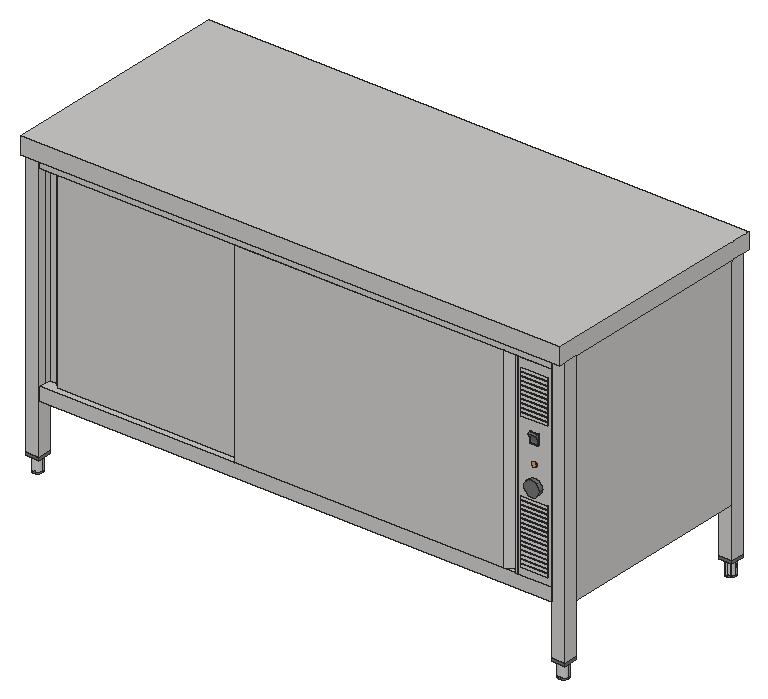
Revit family "QF_ELECTROLUXPROFESSIONAL_134056_GTCD1600E", category Attrezzature speciali, Revit 2020
Family settings
  Quota connettore circolare = Usa diametro
  Tipo di parte = Normale
  Basato su piano di lavoro = No
  Sempre verticale = Sì
  Taglio con vuoti quando caricato = No
  Condiviso = No
  Punto di calcolo locali = No
Parameters (values of type "Standard")
  Weight = 95.00 kg
  Watts = 2530 W
  Volts = 220 V
  URL Manufacturer = "https://www.electroluxprofessional.com/"
  URL = "https://www.electroluxprofessional.com/"
  Steam Supply Size = 0 mm
  Steam Supply Minimum Pressure = 0.0 Pa
  Steam Supply Maximum Pressure = 0.0 Pa
  Steam Consumption per Hour = 0
  Refrigeration Suction Line Size = 0.0 mm
  Refrigeration Liquid Line Size = 0.0 mm
  Refrigerant Compressor Remote = yes
  Prospetto di default = 0.0 mm
  Produttore = "Electrolux Professional"
  Phase = 1
  Modello = "GTCD1600E"
  Length Actual = 1600.0 mm  # constant formula
  Item Number = "134056"
  Hot Water Size = 0 mm
  Height Actual = 900.0 mm  # constant formula
  HP = "3.4 HP"
  Gas Size = 0 mm
  Gas KW = 0
  Gas Input Pressure = 0 W
  Direct Waste Size = 0 mm
  Descrizione = "HOT PASSTHRU CUPBOARD 1600 MM"
  Depth Actual = 700.0 mm  # constant formula
  Cycle = 50 Hz
  Condensate Return Size = 0 mm
  Compressed Air Volume = 0.0 L/s
  Compressed Air Size = 0 mm
  Compressed Air Pressure = 0.0 Pa
  Cold Water Size = 0 mm
  Accessory = yes
Reference planes
  plane 1 "Center (Front/Back)": y = 0
  plane 2: z = 0
  plane 3 "Center (Left/Right)": x = -300
  plane 4 "LEFT": x = -1100
  plane 5 "RIGHT": x = 500
  plane 6 "BACK": y = 350
  plane 7 "FRONT": y = -350
  plane 8 "Base": z = 850
  plane 9 "TOP": z = 900
  plane 10: x = -1080
  plane 11: x = 480
  plane 12: y = 310
  plane 13: y = -310
  plane 14 "BodyLeft": x = -1100
  plane 15 "BodyFront": y = -330
  plane 16 "BodyRight": x = 500
  plane 17 "BodyBack": y = 330
  plane 18 "FEET": z = 200
  plane 19: x = -220
  plane 20: x = -480
  plane 21 "AxeSlideDoor": x = -350
  plane 22: x = 360
  plane 23: x = 410
  plane 24: y = -160
Forms (mm)
  Extrusion 1, solid, material "QF_Finishes_Stainless Steel"
    sketch origin (-300, 0, 0) x (0, 1, 0) y (0, 0, 1)
      loop
        line (-350, 850) -> (350, 850) -> (350, 900) -> (-350, 900) -> (-350, 850)
    from 800 to -800
  Extrusion 2, solid, material "QF_Finishes_Stainless Steel"
    sketch origin (0, 0, 200) x (-1, 0, 0) y (0, -1, 0)
      loop
        line (1100, -290) -> (1100, 290) -> (1060, 290) -> (1060, -290) -> (1100, -290)
      loop
        line (-460, -290) -> (-460, 290) -> (-500, 290) -> (-500, -290) -> (-460, -290)
    from 0 to 650
  Extrusion 3, solid, material "QF_Finishes_Stainless Steel"
    sketch origin (0, 0, 200) x (-1, 0, 0) y (0, -1, 0)
      loop
        line (1060, -330) -> (1060, 330) -> (-460, 330) -> (-460, -330) -> (1060, -330)
    from 0 to 40
  Extrusion 4, solid, material "QF_Finishes_Stainless Steel"
    sketch origin (0, 0, 200) x (-1, 0, 0) y (0, -1, 0)
      loop
        line (-360, -290) -> (-460, -290) -> (-460, -330) -> (-360, -330) -> (-360, -290)
    from 40 to 620
  Extrusion 5, solid, material "QF_Finishes_Stainless Steel"
    sketch origin (0, 0, 200) x (-1, 0, 0) y (0, -1, 0)
      loop
        line (-360, 330) -> (-360, 310) -> (480, 310) -> (480, 330) -> (-320, 330) -> (-340, 315) -> (-355, 315) -> (-355, 330) -> (-360, 330)
    from 40 to 620
  Extrusion 6, solid, material "QF_Finishes_Stainless Steel"
    sketch origin (0, 20, 200) x (1, 0, 0) y (0, 1, 0)
      loop
        line (-1060, -330) -> (-1055, -330) -> (-1055, -315) -> (-1040, -315) -> (-1020, -330) -> (-220, -330) -> (-220, -310) -> (-1060, -310) -> (-1060, -330)
    from 40 to 620
  Extrusion 7, solid, material "QF_Finishes_Stainless Steel"
    sketch origin (0, 0, 200) x (-1, 0, 0) y (0, -1, 0)
      loop
        line (1060, 290) -> (-460, 290) -> (-460, -290) -> (1060, -290) -> (1060, 290)
    from 350 to 390
  Extrusion 8, solid, material "QF_Finishes_Stainless Steel"
    sketch origin (0, 0, 200) x (-1, 0, 0) y (0, -1, 0)
      loop
        line (1060, 330) -> (-460, 330) -> (-460, -330) -> (1060, -330) -> (1060, 330)
    from 620 to 650
  Extrusion 9, solid, material "QF_Finishes_Stainless Steel"
    sketch origin (0, 0, 200) x (-1, 0, 0) y (0, -1, 0)
      loop
        circle (-410, 160) r 10
    from 0 to -5
  Extrusion 10, solid, material "QF_Finishes_Stainless Steel"
    sketch origin (0, 0, 200) x (-1, 0, 0) y (0, -1, 0)
      loop
        line (-360, -330) -> (-355, -330) -> (-355, -315) -> (-340, -315) -> (-320, -330) -> (480, -330) -> (480, -310) -> (-360, -310) -> (-360, -330)
    from 40 to 620
  Extrusion 11, solid, material "QF_Finishes_Stainless Steel"
    sketch origin (0, -20, 200) x (1, 0, 0) y (0, 1, 0)
      loop
        line (-1060, 330) -> (-1060, 310) -> (-220, 310) -> (-220, 330) -> (-1020, 330) -> (-1040, 315) -> (-1055, 315) -> (-1055, 330) -> (-1060, 330)
    from 40 to 620
Cuts and joins
  joined: Extrusion 4, Extrusion 8
Lines and regions (mm)
  symbolic lines
    curve 1: line (500, 350, 900) -> (-1100, 350, 900)
    curve 2: line (-1100, 350, 900) -> (-1100, -350, 900)
    curve 3: line (-1100, -350, 900) -> (500, -350, 900)
    curve 4: line (500, -350, 900) -> (500, 350, 900)
  symbolic lines, style "SpecialityEquipmentHiddenLines"
    curve 5: line (-1100, 330, 200) -> (500, 330, 200)
    curve 6: line (-1100, -330, 200) -> (-1100, 330, 200)
    curve 7: line (500, -330, 200) -> (-1100, -330, 200)
    curve 8: line (500, 330, 200) -> (500, -330, 200)
    curve 9: line (-1060, -290, 200) -> (-220, -290, 200)
    curve 10: line (-220, -290, 200) -> (-220, -310, 200)
    curve 11: line (-1060, -310, 200) -> (360, -310, 200)
    curve 12: line (360, -310, 200) -> (360, -330, 200)
    curve 13: line (-480, -310, 200) -> (-480, -330, 200)
    curve 14: line (-1060, -290, 200) -> (-1060, -310, 200)
    curve 15: line (-1060, 290, 200) -> (-220, 290, 200)
    curve 16: line (-220, 290, 200) -> (-220, 310, 200)
    curve 17: line (-1060, 310, 200) -> (360, 310, 200)
    curve 18: line (360, 310, 200) -> (360, 330, 200)
    curve 19: line (-480, 310, 200) -> (-480, 330, 200)
    curve 20: line (-1060, 290, 200) -> (-1060, 310, 200)
Dimensions and locks
  plane 4 "LEFT" to plane 5 "RIGHT" = 1600.0 mm
  equal spacing: plane 4 "LEFT", plane 3 "Center (Left/Right)", plane 5 "RIGHT"
  locked: plane 8 "Base" to level at 850
  plane 9 "TOP" to level = 900.0 mm
  plane 6 "BACK" to plane 7 "FRONT" = 700.0 mm
  equal spacing: plane 6 "BACK", plane 1 "Center (Front/Back)", plane 7 "FRONT"
  locked: plane 4 "LEFT" to plane 14 "BodyLeft"
  locked: plane 16 "BodyRight" to plane 5 "RIGHT"
  locked: plane 15 "BodyFront" to plane 7 "FRONT" at 20
  locked: plane 6 "BACK" to plane 17 "BodyBack" at 20
  locked: plane 14 "BodyLeft" to plane 10 at 20
  locked: plane 11 to plane 16 "BodyRight" at 20
  locked: plane 13 to plane 15 "BodyFront" at 20
  locked: plane 17 "BodyBack" to plane 12 at 20
  plane 10 to plane 11 = 1560.0 mm
  plane 12 to plane 13 = 620.0 mm
  locked: plane 14 "BodyLeft" to Extrusion 2 sketch curve at 40
  Extrusion 2 sketch curve to Extrusion 2 sketch curve = 40.0 mm
  locked: plane 18 "FEET" to plane 2 at 200
  plane 22 to plane 5 "RIGHT" = 140.0 mm
  equal spacing: Extrusion 2, plane 21 "AxeSlideDoor", plane 22
  locked: plane 20 to plane 21 "AxeSlideDoor" at 130
  locked: plane 21 "AxeSlideDoor" to plane 19 at 130
  plane 24 to plane 7 "FRONT" = 190.0 mm
  plane 23 to plane 16 "BodyRight" = 90.0 mm
  aligned and locked: level to plane 2
  aligned and locked: plane 10 to nested 1
  aligned and locked: nested 1 to plane 13
  aligned and locked: plane 11 to nested 2
  aligned and locked: nested 2 to plane 13
  aligned and locked: plane 11 to nested 4
  aligned and locked: nested 4 to plane 12
  aligned and locked: plane 10 to nested 3
  aligned and locked: nested 3 to plane 12
  aligned and locked: Extrusion 1 to plane 4 "LEFT"
  aligned and locked: plane 5 "RIGHT" to Extrusion 1
  aligned and locked: curve 2 to plane 4 "LEFT"
  aligned and locked: Extrusion 2 sketch curve to plane 14 "BodyLeft"
  aligned and locked: plane 16 "BodyRight" to Extrusion 2 sketch curve
  aligned and locked: plane 8 "Base" to Extrusion 2
  aligned and locked: Extrusion 5 to Extrusion 3
  aligned and locked: Extrusion 6 sketch curve to plane 19
  aligned and locked: Extrusion 5 sketch curve to plane 20
  aligned and locked: Extrusion 1 to plane 8 "Base"
  aligned and locked: plane 9 "TOP" to Extrusion 1
  aligned and locked: curve 5 to plane 17 "BodyBack"
  aligned and locked: plane 14 "BodyLeft" to curve 6
  aligned and locked: plane 15 "BodyFront" to curve 7
  aligned and locked: plane 16 "BodyRight" to curve 8
  aligned and locked: Extrusion 3 sketch curve to Extrusion 2  (x2)
  aligned and locked: Extrusion 2 to Extrusion 4 sketch curve
  aligned and locked: curve 7 to Extrusion 3 sketch curve
  aligned and locked: plane 22 to Extrusion 5 sketch curve
  aligned and locked: nested 5 to Extrusion 2
  aligned and locked: nested 5 to Extrusion 3
  aligned and locked: Extrusion 8 sketch curve to plane 15 "BodyFront"
  aligned and locked: Extrusion 4 sketch curve to plane 22
  aligned and locked: Extrusion 3 sketch curve to plane 17 "BodyBack"
  aligned and locked: plane 17 "BodyBack" to Extrusion 8 sketch curve
  aligned and locked: curve 12 to plane 22
  aligned and locked: plane 22 to curve 18
Automatic sketch dimensions
  curve 3 to plane 5 "RIGHT" = 0.0 mm
  curve 3 to plane 7 "FRONT" = 0.0 mm
  curve 2 to plane 6 "BACK" = 0.0 mm
  Extrusion 1 sketch curve to plane 7 "FRONT" = 0.0 mm
  Extrusion 1 sketch curve to plane 6 "BACK" = 0.0 mm
  Extrusion 1 sketch curve to plane 8 "Base" = 0.0 mm
  Extrusion 1 sketch curve to plane 9 "TOP" = 0.0 mm
  Extrusion 2 sketch curve to plane 12 = 20.0 mm  (x2)
  plane 13 to Extrusion 2 sketch curve = 20.0 mm  (x2)
  Extrusion 4 sketch curve to plane 17 "BodyBack" = 0.0 mm
  Extrusion 4 sketch curve to plane 12 = 20.0 mm
  Extrusion 5 sketch curve to plane 15 "BodyFront" = 0.0 mm  (x2)
  Extrusion 5 sketch curve to plane 13 = 0.0 mm
  Extrusion 5 sketch curve to plane 22 = 5.0 mm
  Extrusion 5 sketch curve to plane 13 = 5.0 mm
  Extrusion 5 sketch curve to Extrusion 5 sketch curve = 15.0 mm
  Extrusion 5 sketch curve to Extrusion 5 sketch curve = 20.0 mm
  Extrusion 6 sketch curve to plane 13 = 0.0 mm  (x2)
  Extrusion 6 sketch curve to plane 10 = 60.0 mm
  Extrusion 6 sketch curve to plane 13 = 15.0 mm
  Extrusion 6 sketch curve to Extrusion 6 sketch curve = 20.0 mm  (x2)
  Extrusion 6 sketch curve to Extrusion 6 sketch curve = 15.0 mm
  Extrusion 6 sketch curve to Extrusion 6 sketch curve = 5.0 mm
  curve 17 to plane 12 = 0.0 mm
  curve 12 to plane 13 = 0.0 mm
  curve 16 to plane 19 = 0.0 mm
  curve 10 to plane 19 = 0.0 mm
  curve 13 to plane 20 = 0.0 mm
  curve 19 to plane 20 = 0.0 mm
  plane 10 to curve 14 = 20.0 mm
  plane 10 to curve 15 = 20.0 mm
  curve 17 to curve 20 = 20.0 mm
  plane 13 to curve 14 = 20.0 mm
  Extrusion 7 sketch curve to plane 11 = 20.0 mm
  plane 10 to Extrusion 7 sketch curve = 20.0 mm
  Extrusion 7 sketch curve to plane 12 = 20.0 mm
  plane 13 to Extrusion 7 sketch curve = 20.0 mm
  Extrusion 8 sketch curve to plane 11 = 20.0 mm
  plane 10 to Extrusion 8 sketch curve = 20.0 mm
  Extrusion 9 sketch curve to plane 23 = 0.0 mm
  Extrusion 9 sketch curve to plane 24 = 0.0 mm
  Extrusion 10 sketch curve to plane 17 "BodyBack" = 0.0 mm  (x2)
  Extrusion 10 sketch curve to plane 22 = 0.0 mm
  Extrusion 10 sketch curve to plane 20 = 0.0 mm
  Extrusion 10 sketch curve to plane 12 = 0.0 mm
  plane 22 to Extrusion 10 sketch curve = 5.0 mm
  Extrusion 10 sketch curve to plane 12 = 5.0 mm
  Extrusion 10 sketch curve to Extrusion 10 sketch curve = 15.0 mm
  Extrusion 10 sketch curve to Extrusion 10 sketch curve = 20.0 mm
  Extrusion 11 sketch curve to plane 12 = 0.0 mm  (x2)
  Extrusion 11 sketch curve to plane 19 = 0.0 mm
  plane 10 to Extrusion 11 sketch curve = 60.0 mm
  Extrusion 11 sketch curve to plane 12 = 15.0 mm
  Extrusion 11 sketch curve to Extrusion 11 sketch curve = 20.0 mm  (x2)
  Extrusion 11 sketch curve to Extrusion 11 sketch curve = 15.0 mm
  Extrusion 11 sketch curve to Extrusion 11 sketch curve = 5.0 mm
  radius of Extrusion 9 sketch curve = 10.0 mm
Nested families
  nested 1: "FEET_40x40_APP50" at (-1080, -310, 0), type "FEET_40x40_APP50"
  nested 2: "FEET_40x40_APP50" at (480, -310, 0), type "FEET_40x40_APP50"
  nested 3: "FEET_40x40_APP50" at (-1080, 310, 0), type "FEET_40x40_APP50"
  nested 4: "FEET_40x40_APP50" at (480, 310, 0), type "FEET_40x40_APP50"
  nested 5: "WT_PNL100x580" at (546.92, -290, 605) x (1, 0, 0) z (0, -1, 0), type "WT_PNL100x580"
    with Show Logo yes
  nested 6: "FEET_40x40_APP50" at (-680, 310, 0), type "FEET_40x40_APP50"
  nested 7: "FEET_40x40_APP50" at (480, 310, 0), type "FEET_40x40_APP50"
Connectors
  electrical at (410, -160, 195)
    settings: on Extrusion 9, index 1, voltage 0 V, apparent load 0 VA, apparent load phase1 0 VA, apparent load phase2 0 VA, apparent load phase3 0 VA, power factor 1, load classification "Other", number of poles 1, system type 30, power factor state 1, is connector primary yes, connector utility no, sub classification motor no, connector description "Electrical connection"
Definition of nested family "FEET_40x40_APP50"
  Parameters
    Default Elevation = 0.0 mm
    FEET = 850.0 mm
  Reference planes
    plane 1 "Center (Front/Back)": y = 0
    plane 2: z = 0
    plane 3 "Center (Left/Right)": x = 0
    plane 4: z = 850
  Forms (mm)
    Extrusion 1, solid
      sketch origin (0, 0, 0) x (1, 0, 0) y (0, 1, 0)
        loop
          line (-20, -20) -> (20, -20) -> (20, 20) -> (-20, 20) -> (-20, -20)
      from 50 to 850
    Extrusion 2, solid
      sketch origin (0, 0, 0) x (1, 0, 0) y (0, 1, 0)
        loop
          circle (0, 0) r 15
      from 0 to 5
    Extrusion 3, solid
      sketch origin (0, 0, 0) x (1, 0, 0) y (0, 1, 0)
        loop
          line (-20, -20) -> (20, -20) -> (20, 20) -> (-20, 20) -> (-20, -20)
      from 50 to 42
    Extrusion 4, solid
      sketch origin (0, 0, 0) x (1, 0, 0) y (0, 1, 0)
        loop
          circle (0, 0) r 15
      from 5 to 42
  Lines and regions (mm)
    symbolic lines
      curve 1: line (0, -1.503, 0) -> (0, 1.508, 0)
      curve 2: line (1.561, 0, 0) -> (-1.439, 0, 0)
  Dimensions and locks
    "FEET": plane 4 to plane 2
    aligned and locked: level to plane 2
  Automatic sketch dimensions
    plane 1 "Center (Front/Back)" to curve 2 = 0.0 mm
    curve 1 to plane 3 "Center (Left/Right)" = 0.0 mm
    curve 2 to plane 3 "Center (Left/Right)" = 1.439 mm
    plane 3 "Center (Left/Right)" to curve 2 = 1.561 mm
    plane 1 "Center (Front/Back)" to curve 1 = 1.503 mm
    curve 1 to plane 1 "Center (Front/Back)" = 1.508 mm
    Extrusion 1 sketch curve to plane 3 "Center (Left/Right)" = 20.0 mm
    plane 3 "Center (Left/Right)" to Extrusion 1 sketch curve = 20.0 mm
    plane 1 "Center (Front/Back)" to Extrusion 1 sketch curve = 20.0 mm
    Extrusion 1 sketch curve to plane 1 "Center (Front/Back)" = 20.0 mm
    plane 1 "Center (Front/Back)" to Extrusion 2 sketch curve = 0.0 mm
    Extrusion 2 sketch curve to plane 3 "Center (Left/Right)" = 0.0 mm
    Extrusion 3 sketch curve to plane 3 "Center (Left/Right)" = 20.0 mm
    plane 3 "Center (Left/Right)" to Extrusion 3 sketch curve = 20.0 mm
    plane 1 "Center (Front/Back)" to Extrusion 3 sketch curve = 20.0 mm
    Extrusion 3 sketch curve to plane 1 "Center (Front/Back)" = 20.0 mm
    plane 1 "Center (Front/Back)" to Extrusion 4 sketch curve = 0.0 mm
    Extrusion 4 sketch curve to plane 3 "Center (Left/Right)" = 0.0 mm
    radius of Extrusion 2 sketch curve = 15.0 mm
    radius of Extrusion 4 sketch curve = 15.0 mm
Definition of nested family "WT_PNL100x580"
  Parameters
    Show Logo [instance] = yes
    Default Elevation = 1219.2 mm
  Reference planes
    plane 1 "Center (Front/Back)": y = -75
    plane 2: z = 0
    plane 3 "Center (Left/Right)": x = -136.92
    plane 4: x = -186.92
    plane 5: x = -86.92
    plane 6 "TOP": z = 40
  Forms (mm)
    Extrusion 1, solid
      sketch origin (0, 0, 0) x (1, 0, 0) y (0, 1, 0)
        loop
          line (-1219.2, 1219.2) -> (-1219.2, -1219.2) -> (1219.2, -1219.2) -> (1219.2, 1219.2) -> (-1219.2, 1219.2)
      from 0 to -304.8
    Extrusion 2, solid
      sketch origin (0, 35, 0) x (1, 0, 0) y (0, 1, 0)
        loop
          line (-186.92, 180) -> (-186.92, -400) -> (-86.92, -400) -> (-86.92, 180) -> (-186.92, 180)
      from 0 to 40
    Extrusion 3, solid
      sketch origin (0, 35, 40) x (-1, 0, 0) y (0, -1, 0)
        loop
          circle (136.92, 151.711) r 22.964
      from 0 to 11.071
    Extrusion 4, solid
      sketch origin (-136.92, 35, 0) x (0, 1, 0) y (0, 0, 1)
        loop
          line (95.896, 40) -> (104.899, 40) -> (95.896, 41.206) -> (95.896, 40)
        loop
          line (107.896, 40) -> (116.899, 40) -> (107.896, 41.206) -> (107.896, 40)
        loop
          line (119.896, 40) -> (128.899, 40) -> (119.896, 41.206) -> (119.896, 40)
        loop
          line (131.896, 40) -> (140.899, 40) -> (131.896, 41.206) -> (131.896, 40)
        loop
          line (143.896, 40) -> (152.899, 40) -> (143.896, 41.206) -> (143.896, 40)
        loop
          line (-246.104, 40) -> (-237.101, 40) -> (-246.104, 41.206) -> (-246.104, 40)
        loop
          line (-234.104, 40) -> (-225.101, 40) -> (-234.104, 41.206) -> (-234.104, 40)
        loop
          line (-222.104, 40) -> (-213.101, 40) -> (-222.104, 41.206) -> (-222.104, 40)
        loop
          line (-210.104, 40) -> (-201.101, 40) -> (-210.104, 41.206) -> (-210.104, 40)
        loop
          line (-198.104, 40) -> (-189.101, 40) -> (-198.104, 41.206) -> (-198.104, 40)
        loop
          line (-318.104, 40) -> (-309.101, 40) -> (-318.104, 41.206) -> (-318.104, 40)
        loop
          line (-306.104, 40) -> (-297.101, 40) -> (-306.104, 41.206) -> (-306.104, 40)
        loop
          line (-294.104, 40) -> (-285.101, 40) -> (-294.104, 41.206) -> (-294.104, 40)
        loop
          line (-282.104, 40) -> (-273.101, 40) -> (-282.104, 41.206) -> (-282.104, 40)
        loop
          line (-270.104, 40) -> (-261.101, 40) -> (-270.104, 41.206) -> (-270.104, 40)
        loop
          line (-258.104, 40) -> (-249.101, 40) -> (-258.104, 41.206) -> (-258.104, 40)
        loop
          line (-366.104, 40) -> (-357.101, 40) -> (-366.104, 41.206) -> (-366.104, 40)
        loop
          line (-354.104, 40) -> (-345.101, 40) -> (-354.104, 41.206) -> (-354.104, 40)
        loop
          line (-342.104, 40) -> (-333.101, 40) -> (-342.104, 41.206) -> (-342.104, 40)
        loop
          line (-330.104, 40) -> (-321.101, 40) -> (-330.104, 41.206) -> (-330.104, 40)
        loop
          line (-378.104, 40) -> (-369.101, 40) -> (-378.104, 41.206) -> (-378.104, 40)
        loop
          line (23.896, 40) -> (32.899, 40) -> (23.896, 41.206) -> (23.896, 40)
        loop
          line (35.896, 40) -> (44.899, 40) -> (35.896, 41.206) -> (35.896, 40)
        loop
          line (47.896, 40) -> (56.899, 40) -> (47.896, 41.206) -> (47.896, 40)
        loop
          line (59.896, 40) -> (68.899, 40) -> (59.896, 41.206) -> (59.896, 40)
        loop
          line (71.896, 40) -> (80.899, 40) -> (71.896, 41.206) -> (71.896, 40)
        loop
          line (83.896, 40) -> (92.899, 40) -> (83.896, 41.206) -> (83.896, 40)
      from -40 to 40
    Extrusion 5, solid
      sketch origin (0, -5, 40) x (-1, 0, 0) y (0, -1, 0)
        loop
          line (123.92, -32.89) -> (149.92, -32.89) -> (149.92, -1.89) -> (123.92, -1.89) -> (123.92, -32.89)
        loop
          line (148.92, -31.89) -> (148.92, -2.89) -> (124.92, -2.89) -> (124.92, -31.89) -> (148.92, -31.89)
      from 0 to 1.6
    Extrusion 6, solid
      sketch origin (0, 95, 40) x (-1, 0, 0) y (0, -1, 0)
        loop
          circle (136.92, 151.711) r 7
      from 0 to 1.6
    Extrusion 7, solid
      sketch origin (-136.92, 35, 0) x (0, 1, 0) y (0, 0, 1)
        loop
          line (-37.11, 38) -> (-8.11, 38) -> (-8.11, 41.206)
          arc (-8.11, 41.206) -> (-8.756, 45.488) -> (-10.639, 49.389) r 14.5
          arc (-10.639, 49.389) -> (-23.172, 43.026) -> (-37.11, 41.206) r 41.552
          line (-37.11, 41.206) -> (-37.11, 38)
      from -12 to 12
  Dimensions and locks
    equal spacing: plane 4, plane 3 "Center (Left/Right)", plane 5
    plane 6 "TOP" to level = 40.0 mm
    Extrusion 2 to Extrusion 2 = 580.0 mm
    plane 4 to plane 5 = 100.0 mm
    aligned and locked: plane 2 to Extrusion 1
    aligned and locked: level to Extrusion 1
  Automatic sketch dimensions
    Extrusion 1 sketch curve to Extrusion 1 sketch curve = 2438.4 mm  (x2)
    Extrusion 2 sketch curve to plane 4 = 0.0 mm
    Extrusion 2 sketch curve to plane 5 = 0.0 mm
    Extrusion 3 sketch curve to plane 3 "Center (Left/Right)" = 0.0 mm
    plane 1 "Center (Front/Back)" to Extrusion 3 sketch curve = 41.711 mm
    plane 3 "Center (Left/Right)" to Extrusion 5 sketch curve = 13.0 mm
    Extrusion 5 sketch curve to plane 3 "Center (Left/Right)" = 13.0 mm
    Extrusion 5 sketch curve to plane 1 "Center (Front/Back)" = 102.89 mm
    Extrusion 5 sketch curve to Extrusion 5 sketch curve = 31.0 mm
    Extrusion 6 sketch curve to plane 3 "Center (Left/Right)" = 0.0 mm
    Extrusion 6 sketch curve to plane 1 "Center (Front/Back)" = 18.289 mm
    Extrusion 4 sketch curve to plane 6 "TOP" = 0.0 mm  (x27)
    Extrusion 4 sketch curve to Extrusion 4 sketch curve = 9.003 mm  (x27)
    Extrusion 4 sketch curve to Extrusion 4 sketch curve = 2.997 mm  (x25)
    plane 6 "TOP" to Extrusion 4 sketch curve = 1.206 mm  (x27)
    Extrusion 4 sketch curve to plane 1 "Center (Front/Back)" = 133.896 mm
    Extrusion 5 sketch curve to Extrusion 5 sketch curve = 1.0 mm  (x4)
    Extrusion 7 sketch curve to plane 6 "TOP" = 2.0 mm
    Extrusion 7 sketch curve to plane 1 "Center (Front/Back)" = 72.89 mm
    Extrusion 7 sketch curve to plane 1 "Center (Front/Back)" = 74.556 mm
    plane 6 "TOP" to Extrusion 7 sketch curve = 1.206 mm  (x2)
    Extrusion 7 sketch curve to Extrusion 7 sketch curve = 14.5 mm  (x2)
    Extrusion 7 sketch curve to Extrusion 7 sketch curve = 2.529 mm
    Extrusion 2 sketch curve to plane 1 "Center (Front/Back)" = 290.0 mm
    plane 1 "Center (Front/Back)" to Extrusion 2 sketch curve = 290.0 mm
    plane 1 "Center (Front/Back)" to Extrusion 4 sketch curve = 79.101 mm
    radius of Extrusion 3 sketch curve = 22.964 mm
    radius of Extrusion 6 sketch curve = 7.0 mm
